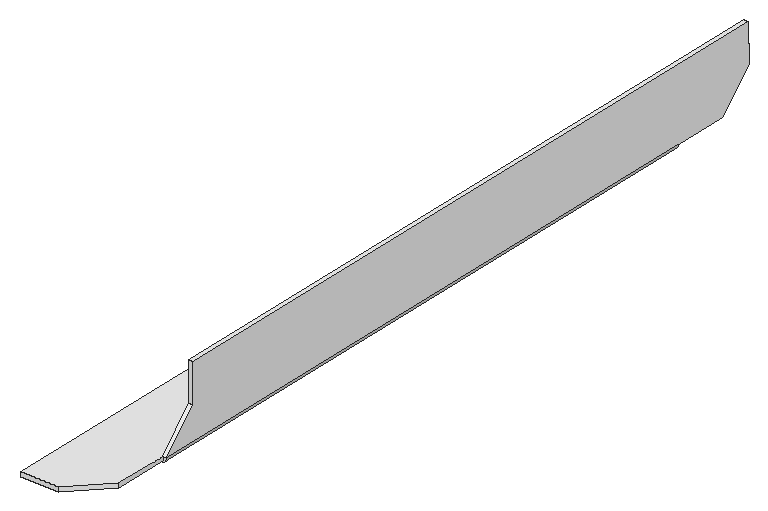
Revit family "JOMA_Takåsfäste Vänster", category Structural Connections, host Face, Revit 2012
Parameters (values of type "580370V")
  Vikt = "0,30"
  Typ 370 Spikmönster [instance] = and(Typ 370, Spikmönster)  # no
  Typ 370 = yes
  Typ 330 Spikmönster [instance] = and(Typ 330, Spikmönster)  # no
  Typ 330 = no
  Typ 290 Spikmönster [instance] = and(Typ 290, Spikmönster)  # no
  Typ 290 = no
  Typ 250 Spikmönster [instance] = and(Typ 250, Spikmönster)  # no
  Typ 250 = no
  Typ 210 Spikmönster [instance] = and(Typ 210, Spikmönster)  # no
  Typ 210 = no
  Typ 170 Spikmönster [instance] = and(Typ 170, Spikmönster)  # no
  Typ 170 = no
  Spikmönster [instance] = no
  Material = Varmförzinkad stålplåt
  Länk Joma Dimensioneringsverktyg = "http://www.joma.se/dimensioneringsverktyg"
  Default Elevation = 1219.2 mm
  B = 40 mm
  A = 370 mm
Reference planes
  plane 1 "Center (Front/Back)": y = 0
  plane 2: z = 0
  plane 3 "Center (Left/Right)": x = 0
  plane 4: y = 185
  plane 5: y = -185
  plane 6: x = -34.5
  plane 7: x = -34.5
  plane 8: z = 34.5
  plane 9: z = 34.5
  plane 10: z = 34.5
  plane 11: z = 34.5
  plane 12: y = 130
  plane 13: y = 145
  plane 14: y = -170
  plane 15: y = -145
  plane 16: x = -17
  plane 17: x = -2
  plane 18: y = 170
  plane 19: z = 2
  plane 20: z = 17
  plane 21: y = -130
Forms (mm)
  Extrusion 1, solid, material "Varmförzinkad stålplåt" <- "Material"
    sketch origin (0, 0, 0) x (1, 0, 0) y (0, 0, 1)
      loop
        line (-2, 2) -> (-34.5, 2) -> (-34.5, 0) -> (-2, 0)
        arc (-2, 0) -> (-0.586, 0.586) -> (0, 2) r 2
        line (0, 2) -> (0, 34.5) -> (-2, 34.5) -> (-2, 2)
    from -185 to 185
  Extrusion 2, void
    sketch origin (0, 0, 0) x (1, 0, 0) y (0, 1, 0)
      loop
        line (-34.5, 185) -> (-34.5, 130) -> (-17, 130) -> (-2, 145) -> (-2, 185) -> (-34.5, 185)
    from 0 to 2
  Extrusion 3, void
    sketch origin (0, 0, 0) x (1, 0, 0) y (0, 1, 0)
      loop
        line (0, -185) -> (0, -145) -> (-2, -145) -> (-2, -170) -> (-17, -185) -> (0, -185)
    from 0 to 2
  Extrusion 4, void
    sketch origin (0, 0, 0) x (0, 1, 0) y (0, 0, 1)
      loop
        line (185, 0) -> (185, 17) -> (170, 2) -> (145, 2) -> (145, 0) -> (185, 0)
    from -2 to 0
  Extrusion 5, void
    sketch origin (0, 0, 0) x (0, 1, 0) y (0, 0, 1)
      loop
        line (-130, 34.5) -> (-185, 34.5) -> (-185, 2) -> (-145, 2) -> (-130, 17) -> (-130, 34.5)
    from -2 to 0
Cuts and joins
  Extrusion 2, Extrusion 3, Extrusion 4, Extrusion 5 cuts Extrusion 1
Lines and regions (mm)
  symbolic lines, visible <- "Typ 170", not visible
    curve 1: circle (1097, -177.5, 0) r 2.5 normal (0, 0, 1)
    curve 2: circle (1082, -167.5, 0) r 2.5 normal (0, 0, 1)
    curve 3: circle (1097, -157.5, 0) r 2.5 normal (0, 0, 1)
    curve 4: circle (1082, -147.5, 0) r 2.5 normal (0, 0, 1)
    curve 5: circle (1097, -137.5, 0) r 2.5 normal (0, 0, 1)
    curve 6: circle (1082, -127.5, 0) r 2.5 normal (0, 0, 1)
    curve 7: circle (1097, -117.5, 0) r 2.5 normal (0, 0, 1)
    curve 8: circle (1082, -107.5, 0) r 2.5 normal (0, 0, 1)
    curve 9: circle (1097, -97.5, 0) r 2.5 normal (0, 0, 1)
    curve 10: circle (1082, -87.5, 0) r 2.5 normal (0, 0, 1)
    curve 370: circle (0, 177.5, 682) r 2.5 normal (1, 0, 0)
    curve 371: circle (0, 167.5, 667) r 2.5 normal (1, 0, 0)
    curve 372: circle (0, 157.5, 682) r 2.5 normal (1, 0, 0)
    curve 373: circle (0, 147.5, 667) r 2.5 normal (1, 0, 0)
    curve 374: circle (0, 137.5, 682) r 2.5 normal (1, 0, 0)
    curve 375: circle (0, 127.5, 667) r 2.5 normal (1, 0, 0)
    curve 376: circle (0, 117.5, 682) r 2.5 normal (1, 0, 0)
    curve 377: circle (0, 107.5, 667) r 2.5 normal (1, 0, 0)
    curve 378: circle (0, 97.5, 682) r 2.5 normal (1, 0, 0)
    curve 379: circle (0, 87.5, 667) r 2.5 normal (1, 0, 0)
  symbolic lines, visible <- "Typ 210", not visible
    curve 11: circle (907, -177.5, 0) r 2.5 normal (0, 0, 1)
    curve 12: circle (892, -167.5, 0) r 2.5 normal (0, 0, 1)
    curve 13: circle (907, -157.5, 0) r 2.5 normal (0, 0, 1)
    curve 14: circle (892, -147.5, 0) r 2.5 normal (0, 0, 1)
    curve 15: circle (907, -137.5, 0) r 2.5 normal (0, 0, 1)
    curve 16: circle (892, -127.5, 0) r 2.5 normal (0, 0, 1)
    curve 17: circle (907, -117.5, 0) r 2.5 normal (0, 0, 1)
    curve 18: circle (892, -107.5, 0) r 2.5 normal (0, 0, 1)
    curve 19: circle (907, -97.5, 0) r 2.5 normal (0, 0, 1)
    curve 20: circle (892, -87.5, 0) r 2.5 normal (0, 0, 1)
    curve 21: circle (907, -77.5, 0) r 2.5 normal (0, 0, 1)
    curve 22: circle (892, -67.5, 0) r 2.5 normal (0, 0, 1)
    curve 23: circle (907, -57.5, 0) r 2.5 normal (0, 0, 1)
    curve 24: circle (892, -47.5, 0) r 2.5 normal (0, 0, 1)
    curve 380: circle (0, 177.5, 567) r 2.5 normal (1, 0, 0)
    curve 381: circle (0, 167.5, 552) r 2.5 normal (1, 0, 0)
    curve 382: circle (0, 157.5, 567) r 2.5 normal (1, 0, 0)
    curve 383: circle (0, 147.5, 552) r 2.5 normal (1, 0, 0)
    curve 384: circle (0, 137.5, 567) r 2.5 normal (1, 0, 0)
    curve 385: circle (0, 127.5, 552) r 2.5 normal (1, 0, 0)
    curve 386: circle (0, 117.5, 567) r 2.5 normal (1, 0, 0)
    curve 387: circle (0, 107.5, 552) r 2.5 normal (1, 0, 0)
    curve 388: circle (0, 97.5, 567) r 2.5 normal (1, 0, 0)
    curve 389: circle (0, 87.5, 552) r 2.5 normal (1, 0, 0)
    curve 390: circle (0, 77.5, 567) r 2.5 normal (1, 0, 0)
    curve 391: circle (0, 67.5, 552) r 2.5 normal (1, 0, 0)
    curve 392: circle (0, 57.5, 567) r 2.5 normal (1, 0, 0)
    curve 393: circle (0, 47.5, 552) r 2.5 normal (1, 0, 0)
  symbolic lines, visible <- "Typ 250", not visible
    curve 25: circle (727, -177.5, 0) r 2.5 normal (0, 0, 1)
    curve 26: circle (712, -167.5, 0) r 2.5 normal (0, 0, 1)
    curve 27: circle (727, -157.5, 0) r 2.5 normal (0, 0, 1)
    curve 28: circle (712, -147.5, 0) r 2.5 normal (0, 0, 1)
    curve 29: circle (727, -137.5, 0) r 2.5 normal (0, 0, 1)
    curve 30: circle (712, -127.5, 0) r 2.5 normal (0, 0, 1)
    curve 31: circle (727, -117.5, 0) r 2.5 normal (0, 0, 1)
    curve 32: circle (712, -107.5, 0) r 2.5 normal (0, 0, 1)
    curve 33: circle (727, -97.5, 0) r 2.5 normal (0, 0, 1)
    curve 34: circle (712, -87.5, 0) r 2.5 normal (0, 0, 1)
    curve 35: circle (727, -77.5, 0) r 2.5 normal (0, 0, 1)
    curve 36: circle (712, -67.5, 0) r 2.5 normal (0, 0, 1)
    curve 37: circle (727, -57.5, 0) r 2.5 normal (0, 0, 1)
    curve 38: circle (712, -47.5, 0) r 2.5 normal (0, 0, 1)
    curve 39: circle (727, -37.5, 0) r 2.5 normal (0, 0, 1)
    curve 40: circle (712, -27.5, 0) r 2.5 normal (0, 0, 1)
    curve 41: circle (727, -17.5, 0) r 2.5 normal (0, 0, 1)
    curve 42: circle (712, -7.5, 0) r 2.5 normal (0, 0, 1)
    curve 394: circle (0, 177.5, 472) r 2.5 normal (1, 0, 0)
    curve 395: circle (0, 167.5, 457) r 2.5 normal (1, 0, 0)
    curve 396: circle (0, 157.5, 472) r 2.5 normal (1, 0, 0)
    curve 397: circle (0, 147.5, 457) r 2.5 normal (1, 0, 0)
    curve 398: circle (0, 137.5, 472) r 2.5 normal (1, 0, 0)
    curve 399: circle (0, 127.5, 457) r 2.5 normal (1, 0, 0)
    curve 400: circle (0, 117.5, 472) r 2.5 normal (1, 0, 0)
    curve 401: circle (0, 107.5, 457) r 2.5 normal (1, 0, 0)
    curve 402: circle (0, 97.5, 472) r 2.5 normal (1, 0, 0)
    curve 403: circle (0, 87.5, 457) r 2.5 normal (1, 0, 0)
    curve 404: circle (0, 77.5, 472) r 2.5 normal (1, 0, 0)
    curve 405: circle (0, 67.5, 457) r 2.5 normal (1, 0, 0)
    curve 406: circle (0, 57.5, 472) r 2.5 normal (1, 0, 0)
    curve 407: circle (0, 47.5, 457) r 2.5 normal (1, 0, 0)
    curve 408: circle (0, 37.5, 472) r 2.5 normal (1, 0, 0)
    curve 409: circle (0, 27.5, 457) r 2.5 normal (1, 0, 0)
    curve 410: circle (0, 17.5, 472) r 2.5 normal (1, 0, 0)
    curve 411: circle (0, 7.5, 457) r 2.5 normal (1, 0, 0)
  symbolic lines, visible <- "Typ 290", not visible
    curve 43: circle (527, -177.5, 0) r 2.5 normal (0, 0, 1)
    curve 44: circle (512, -167.5, 0) r 2.5 normal (0, 0, 1)
    curve 45: circle (527, -157.5, 0) r 2.5 normal (0, 0, 1)
    curve 46: circle (512, -147.5, 0) r 2.5 normal (0, 0, 1)
    curve 47: circle (527, -137.5, 0) r 2.5 normal (0, 0, 1)
    curve 48: circle (512, -127.5, 0) r 2.5 normal (0, 0, 1)
    curve 49: circle (527, -117.5, 0) r 2.5 normal (0, 0, 1)
    curve 50: circle (512, -107.5, 0) r 2.5 normal (0, 0, 1)
    curve 51: circle (527, -97.5, 0) r 2.5 normal (0, 0, 1)
    curve 52: circle (512, -87.5, 0) r 2.5 normal (0, 0, 1)
    curve 53: circle (527, -77.5, 0) r 2.5 normal (0, 0, 1)
    curve 54: circle (512, -67.5, 0) r 2.5 normal (0, 0, 1)
    curve 55: circle (527, -57.5, 0) r 2.5 normal (0, 0, 1)
    curve 56: circle (512, -47.5, 0) r 2.5 normal (0, 0, 1)
    curve 57: circle (527, -37.5, 0) r 2.5 normal (0, 0, 1)
    curve 58: circle (512, -27.5, 0) r 2.5 normal (0, 0, 1)
    curve 59: circle (527, -17.5, 0) r 2.5 normal (0, 0, 1)
    curve 60: circle (512, -7.5, 0) r 2.5 normal (0, 0, 1)
    curve 61: circle (527, 2.5, 0) r 2.5 normal (0, 0, 1)
    curve 62: circle (512, 12.5, 0) r 2.5 normal (0, 0, 1)
    curve 63: circle (527, 22.5, 0) r 2.5 normal (0, 0, 1)
    curve 64: circle (512, 32.5, 0) r 2.5 normal (0, 0, 1)
    curve 65: circle (527, 42.5, 0) r 2.5 normal (0, 0, 1)
    curve 412: circle (0, 177.5, 312) r 2.5 normal (1, 0, 0)
    curve 413: circle (0, 167.5, 297) r 2.5 normal (1, 0, 0)
    curve 414: circle (0, 157.5, 312) r 2.5 normal (1, 0, 0)
    curve 415: circle (0, 147.5, 297) r 2.5 normal (1, 0, 0)
    curve 416: circle (0, 137.5, 312) r 2.5 normal (1, 0, 0)
    curve 417: circle (0, 127.5, 297) r 2.5 normal (1, 0, 0)
    curve 418: circle (0, 117.5, 312) r 2.5 normal (1, 0, 0)
    curve 419: circle (0, 107.5, 297) r 2.5 normal (1, 0, 0)
    curve 420: circle (0, 97.5, 312) r 2.5 normal (1, 0, 0)
    curve 421: circle (0, 87.5, 297) r 2.5 normal (1, 0, 0)
    curve 422: circle (0, 77.5, 312) r 2.5 normal (1, 0, 0)
    curve 423: circle (0, 67.5, 297) r 2.5 normal (1, 0, 0)
    curve 424: circle (0, 57.5, 312) r 2.5 normal (1, 0, 0)
    curve 425: circle (0, 47.5, 297) r 2.5 normal (1, 0, 0)
    curve 426: circle (0, 37.5, 312) r 2.5 normal (1, 0, 0)
    curve 427: circle (0, 27.5, 297) r 2.5 normal (1, 0, 0)
    curve 428: circle (0, 17.5, 312) r 2.5 normal (1, 0, 0)
    curve 429: circle (0, 7.5, 297) r 2.5 normal (1, 0, 0)
    curve 430: circle (0, -2.5, 312) r 2.5 normal (1, 0, 0)
    curve 431: circle (0, -12.5, 297) r 2.5 normal (1, 0, 0)
    curve 432: circle (0, -22.5, 312) r 2.5 normal (1, 0, 0)
    curve 433: circle (0, -32.5, 297) r 2.5 normal (1, 0, 0)
    curve 434: circle (0, -42.5, 312) r 2.5 normal (1, 0, 0)
  symbolic lines, visible <- "Typ 330", not visible
    curve 66: circle (122, -177.5, 0) r 2.5 normal (0, 0, 1)
    curve 67: circle (107, -167.5, 0) r 2.5 normal (0, 0, 1)
    curve 68: circle (122, -157.5, 0) r 2.5 normal (0, 0, 1)
    curve 69: circle (107, -147.5, 0) r 2.5 normal (0, 0, 1)
    curve 70: circle (122, -137.5, 0) r 2.5 normal (0, 0, 1)
    curve 71: circle (107, -127.5, 0) r 2.5 normal (0, 0, 1)
    curve 72: circle (122, -117.5, 0) r 2.5 normal (0, 0, 1)
    curve 73: circle (107, -107.5, 0) r 2.5 normal (0, 0, 1)
    curve 74: circle (122, -97.5, 0) r 2.5 normal (0, 0, 1)
    curve 75: circle (107, -87.5, 0) r 2.5 normal (0, 0, 1)
    curve 76: circle (122, -77.5, 0) r 2.5 normal (0, 0, 1)
    curve 77: circle (107, -67.5, 0) r 2.5 normal (0, 0, 1)
    curve 78: circle (122, -57.5, 0) r 2.5 normal (0, 0, 1)
    curve 79: circle (107, -47.5, 0) r 2.5 normal (0, 0, 1)
    curve 80: circle (122, -37.5, 0) r 2.5 normal (0, 0, 1)
    curve 81: circle (107, -27.5, 0) r 2.5 normal (0, 0, 1)
    curve 82: circle (122, -17.5, 0) r 2.5 normal (0, 0, 1)
    curve 83: circle (107, -7.5, 0) r 2.5 normal (0, 0, 1)
    curve 84: circle (122, 2.5, 0) r 2.5 normal (0, 0, 1)
    curve 85: circle (107, 12.5, 0) r 2.5 normal (0, 0, 1)
    curve 86: circle (122, 22.5, 0) r 2.5 normal (0, 0, 1)
    curve 87: circle (107, 32.5, 0) r 2.5 normal (0, 0, 1)
    curve 88: circle (122, 42.5, 0) r 2.5 normal (0, 0, 1)
    curve 89: circle (107, 52.5, 0) r 2.5 normal (0, 0, 1)
    curve 90: circle (122, 62.5, 0) r 2.5 normal (0, 0, 1)
    curve 91: circle (107, 72.5, 0) r 2.5 normal (0, 0, 1)
    curve 92: circle (122, 82.5, 0) r 2.5 normal (0, 0, 1)
    curve 435: circle (0, 177.5, 167) r 2.5 normal (1, 0, 0)
    curve 436: circle (0, 167.5, 152) r 2.5 normal (1, 0, 0)
    curve 437: circle (0, 157.5, 167) r 2.5 normal (1, 0, 0)
    curve 438: circle (0, 147.5, 152) r 2.5 normal (1, 0, 0)
    curve 439: circle (0, 137.5, 167) r 2.5 normal (1, 0, 0)
    curve 440: circle (0, 127.5, 152) r 2.5 normal (1, 0, 0)
    curve 441: circle (0, 117.5, 167) r 2.5 normal (1, 0, 0)
    curve 442: circle (0, 107.5, 152) r 2.5 normal (1, 0, 0)
    curve 443: circle (0, 97.5, 167) r 2.5 normal (1, 0, 0)
    curve 444: circle (0, 87.5, 152) r 2.5 normal (1, 0, 0)
    curve 445: circle (0, 77.5, 167) r 2.5 normal (1, 0, 0)
    curve 446: circle (0, 67.5, 152) r 2.5 normal (1, 0, 0)
    curve 447: circle (0, 57.5, 167) r 2.5 normal (1, 0, 0)
    curve 448: circle (0, 47.5, 152) r 2.5 normal (1, 0, 0)
    curve 449: circle (0, 37.5, 167) r 2.5 normal (1, 0, 0)
    curve 450: circle (0, 27.5, 152) r 2.5 normal (1, 0, 0)
    curve 451: circle (0, 17.5, 167) r 2.5 normal (1, 0, 0)
    curve 452: circle (0, 7.5, 152) r 2.5 normal (1, 0, 0)
    curve 453: circle (0, -2.5, 167) r 2.5 normal (1, 0, 0)
    curve 454: circle (0, -12.5, 152) r 2.5 normal (1, 0, 0)
    curve 455: circle (0, -22.5, 167) r 2.5 normal (1, 0, 0)
    curve 456: circle (0, -32.5, 152) r 2.5 normal (1, 0, 0)
    curve 457: circle (0, -42.5, 167) r 2.5 normal (1, 0, 0)
    curve 458: circle (0, -52.5, 152) r 2.5 normal (1, 0, 0)
    curve 459: circle (0, -62.5, 167) r 2.5 normal (1, 0, 0)
    curve 460: circle (0, -72.5, 152) r 2.5 normal (1, 0, 0)
    curve 461: circle (0, -82.5, 167) r 2.5 normal (1, 0, 0)
  symbolic lines, visible <- "Typ 370", not visible
    curve 93: circle (27, -177.5, 0) r 2.5 normal (0, 0, 1)
    curve 94: circle (12, -167.5, 0) r 2.5 normal (0, 0, 1)
    curve 95: circle (27, -157.5, 0) r 2.5 normal (0, 0, 1)
    curve 96: circle (12, -147.5, 0) r 2.5 normal (0, 0, 1)
    curve 97: circle (27, -137.5, 0) r 2.5 normal (0, 0, 1)
    curve 98: circle (12, -127.5, 0) r 2.5 normal (0, 0, 1)
    curve 99: circle (27, -117.5, 0) r 2.5 normal (0, 0, 1)
    curve 100: circle (12, -107.5, 0) r 2.5 normal (0, 0, 1)
    curve 101: circle (27, -97.5, 0) r 2.5 normal (0, 0, 1)
    curve 102: circle (12, -87.5, 0) r 2.5 normal (0, 0, 1)
    curve 103: circle (27, -77.5, 0) r 2.5 normal (0, 0, 1)
    curve 104: circle (12, -67.5, 0) r 2.5 normal (0, 0, 1)
    curve 105: circle (27, -57.5, 0) r 2.5 normal (0, 0, 1)
    curve 106: circle (12, -47.5, 0) r 2.5 normal (0, 0, 1)
    curve 107: circle (27, -37.5, 0) r 2.5 normal (0, 0, 1)
    curve 108: circle (12, -27.5, 0) r 2.5 normal (0, 0, 1)
    curve 109: circle (27, -17.5, 0) r 2.5 normal (0, 0, 1)
    curve 110: circle (12, -7.5, 0) r 2.5 normal (0, 0, 1)
    curve 111: circle (27, 2.5, 0) r 2.5 normal (0, 0, 1)
    curve 112: circle (12, 12.5, 0) r 2.5 normal (0, 0, 1)
    curve 113: circle (27, 22.5, 0) r 2.5 normal (0, 0, 1)
    curve 114: circle (12, 32.5, 0) r 2.5 normal (0, 0, 1)
    curve 115: circle (27, 42.5, 0) r 2.5 normal (0, 0, 1)
    curve 116: circle (12, 52.5, 0) r 2.5 normal (0, 0, 1)
    curve 117: circle (27, 62.5, 0) r 2.5 normal (0, 0, 1)
    curve 118: circle (12, 72.5, 0) r 2.5 normal (0, 0, 1)
    curve 119: circle (27, 82.5, 0) r 2.5 normal (0, 0, 1)
    curve 120: circle (12, 92.5, 0) r 2.5 normal (0, 0, 1)
    curve 121: circle (27, 102.5, 0) r 2.5 normal (0, 0, 1)
    curve 122: circle (12, 112.5, 0) r 2.5 normal (0, 0, 1)
    curve 123: circle (27, 122.5, 0) r 2.5 normal (0, 0, 1)
    curve 462: circle (0, 177.5, 27) r 2.5 normal (1, 0, 0)
    curve 463: circle (0, 167.5, 12) r 2.5 normal (1, 0, 0)
    curve 464: circle (0, 157.5, 27) r 2.5 normal (1, 0, 0)
    curve 465: circle (0, 147.5, 12) r 2.5 normal (1, 0, 0)
    curve 466: circle (0, 137.5, 27) r 2.5 normal (1, 0, 0)
    curve 467: circle (0, 127.5, 12) r 2.5 normal (1, 0, 0)
    curve 468: circle (0, 117.5, 27) r 2.5 normal (1, 0, 0)
    curve 469: circle (0, 107.5, 12) r 2.5 normal (1, 0, 0)
    curve 470: circle (0, 97.5, 27) r 2.5 normal (1, 0, 0)
    curve 471: circle (0, 87.5, 12) r 2.5 normal (1, 0, 0)
    curve 472: circle (0, 77.5, 27) r 2.5 normal (1, 0, 0)
    curve 473: circle (0, 67.5, 12) r 2.5 normal (1, 0, 0)
    curve 474: circle (0, 57.5, 27) r 2.5 normal (1, 0, 0)
    curve 475: circle (0, 47.5, 12) r 2.5 normal (1, 0, 0)
    curve 476: circle (0, 37.5, 27) r 2.5 normal (1, 0, 0)
    curve 477: circle (0, 27.5, 12) r 2.5 normal (1, 0, 0)
    curve 478: circle (0, 17.5, 27) r 2.5 normal (1, 0, 0)
    curve 479: circle (0, 7.5, 12) r 2.5 normal (1, 0, 0)
    curve 480: circle (0, -2.5, 27) r 2.5 normal (1, 0, 0)
    curve 481: circle (0, -12.5, 12) r 2.5 normal (1, 0, 0)
    curve 482: circle (0, -22.5, 27) r 2.5 normal (1, 0, 0)
    curve 483: circle (0, -32.5, 12) r 2.5 normal (1, 0, 0)
    curve 484: circle (0, -42.5, 27) r 2.5 normal (1, 0, 0)
    curve 485: circle (0, -52.5, 12) r 2.5 normal (1, 0, 0)
    curve 486: circle (0, -62.5, 27) r 2.5 normal (1, 0, 0)
    curve 487: circle (0, -72.5, 12) r 2.5 normal (1, 0, 0)
    curve 488: circle (0, -82.5, 27) r 2.5 normal (1, 0, 0)
    curve 489: circle (0, -92.5, 12) r 2.5 normal (1, 0, 0)
    curve 490: circle (0, -102.5, 27) r 2.5 normal (1, 0, 0)
    curve 491: circle (0, -112.5, 12) r 2.5 normal (1, 0, 0)
    curve 492: circle (0, -122.5, 27) r 2.5 normal (1, 0, 0)
  symbolic lines, visible <- "Typ 370"
    curve 124: circle (-27, -177.5, 0) r 2.5 normal (0, 0, -1)
    curve 125: circle (-12, -167.5, 0) r 2.5 normal (0, 0, -1)
    curve 126: circle (-27, -157.5, 0) r 2.5 normal (0, 0, -1)
    curve 127: circle (-12, -147.5, 0) r 2.5 normal (0, 0, -1)
    curve 128: circle (-27, -137.5, 0) r 2.5 normal (0, 0, -1)
    curve 129: circle (-12, -127.5, 0) r 2.5 normal (0, 0, -1)
    curve 130: circle (-27, -117.5, 0) r 2.5 normal (0, 0, -1)
    curve 131: circle (-12, -107.5, 0) r 2.5 normal (0, 0, -1)
    curve 132: circle (-27, -97.5, 0) r 2.5 normal (0, 0, -1)
    curve 133: circle (-12, -87.5, 0) r 2.5 normal (0, 0, -1)
    curve 134: circle (-27, -77.5, 0) r 2.5 normal (0, 0, -1)
    curve 135: circle (-12, -67.5, 0) r 2.5 normal (0, 0, -1)
    curve 136: circle (-27, -57.5, 0) r 2.5 normal (0, 0, -1)
    curve 137: circle (-12, -47.5, 0) r 2.5 normal (0, 0, -1)
    curve 138: circle (-27, -37.5, 0) r 2.5 normal (0, 0, -1)
    curve 139: circle (-12, -27.5, 0) r 2.5 normal (0, 0, -1)
    curve 140: circle (-27, -17.5, 0) r 2.5 normal (0, 0, -1)
    curve 141: circle (-12, -7.5, 0) r 2.5 normal (0, 0, -1)
    curve 142: circle (-27, 2.5, 0) r 2.5 normal (0, 0, -1)
    curve 143: circle (-12, 12.5, 0) r 2.5 normal (0, 0, -1)
    curve 144: circle (-27, 22.5, 0) r 2.5 normal (0, 0, -1)
    curve 145: circle (-12, 32.5, 0) r 2.5 normal (0, 0, -1)
    curve 146: circle (-27, 42.5, 0) r 2.5 normal (0, 0, -1)
    curve 147: circle (-12, 52.5, 0) r 2.5 normal (0, 0, -1)
    curve 148: circle (-27, 62.5, 0) r 2.5 normal (0, 0, -1)
    curve 149: circle (-12, 72.5, 0) r 2.5 normal (0, 0, -1)
    curve 150: circle (-27, 82.5, 0) r 2.5 normal (0, 0, -1)
    curve 151: circle (-12, 92.5, 0) r 2.5 normal (0, 0, -1)
    curve 152: circle (-27, 102.5, 0) r 2.5 normal (0, 0, -1)
    curve 153: circle (-12, 112.5, 0) r 2.5 normal (0, 0, -1)
    curve 154: circle (-27, 122.5, 0) r 2.5 normal (0, 0, -1)
    curve 247: circle (0, 177.5, 27) r 2.5 normal (1, 0, 0)
    curve 248: circle (0, 167.5, 12) r 2.5 normal (1, 0, 0)
    curve 249: circle (0, 157.5, 27) r 2.5 normal (1, 0, 0)
    curve 250: circle (0, 147.5, 12) r 2.5 normal (1, 0, 0)
    curve 251: circle (0, 137.5, 27) r 2.5 normal (1, 0, 0)
    curve 252: circle (0, 127.5, 12) r 2.5 normal (1, 0, 0)
    curve 253: circle (0, 117.5, 27) r 2.5 normal (1, 0, 0)
    curve 254: circle (0, 107.5, 12) r 2.5 normal (1, 0, 0)
    curve 255: circle (0, 97.5, 27) r 2.5 normal (1, 0, 0)
    curve 256: circle (0, 87.5, 12) r 2.5 normal (1, 0, 0)
    curve 257: circle (0, 77.5, 27) r 2.5 normal (1, 0, 0)
    curve 258: circle (0, 67.5, 12) r 2.5 normal (1, 0, 0)
    curve 259: circle (0, 57.5, 27) r 2.5 normal (1, 0, 0)
    curve 260: circle (0, 47.5, 12) r 2.5 normal (1, 0, 0)
    curve 261: circle (0, 37.5, 27) r 2.5 normal (1, 0, 0)
    curve 262: circle (0, 27.5, 12) r 2.5 normal (1, 0, 0)
    curve 263: circle (0, 17.5, 27) r 2.5 normal (1, 0, 0)
    curve 264: circle (0, 7.5, 12) r 2.5 normal (1, 0, 0)
    curve 265: circle (0, -2.5, 27) r 2.5 normal (1, 0, 0)
    curve 266: circle (0, -12.5, 12) r 2.5 normal (1, 0, 0)
    curve 267: circle (0, -22.5, 27) r 2.5 normal (1, 0, 0)
    curve 268: circle (0, -32.5, 12) r 2.5 normal (1, 0, 0)
    curve 269: circle (0, -42.5, 27) r 2.5 normal (1, 0, 0)
    curve 270: circle (0, -52.5, 12) r 2.5 normal (1, 0, 0)
    curve 271: circle (0, -62.5, 27) r 2.5 normal (1, 0, 0)
    curve 272: circle (0, -72.5, 12) r 2.5 normal (1, 0, 0)
    curve 273: circle (0, -82.5, 27) r 2.5 normal (1, 0, 0)
    curve 274: circle (0, -92.5, 12) r 2.5 normal (1, 0, 0)
    curve 275: circle (0, -102.5, 27) r 2.5 normal (1, 0, 0)
    curve 276: circle (0, -112.5, 12) r 2.5 normal (1, 0, 0)
    curve 277: circle (0, -122.5, 27) r 2.5 normal (1, 0, 0)
  symbolic lines, visible <- "Typ 330"
    curve 155: circle (-27, -157.5, 0) r 2.5 normal (0, 0, -1)
    curve 156: circle (-12, -147.5, 0) r 2.5 normal (0, 0, -1)
    curve 157: circle (-27, -137.5, 0) r 2.5 normal (0, 0, -1)
    curve 158: circle (-12, -127.5, 0) r 2.5 normal (0, 0, -1)
    curve 159: circle (-27, -117.5, 0) r 2.5 normal (0, 0, -1)
    curve 160: circle (-12, -107.5, 0) r 2.5 normal (0, 0, -1)
    curve 161: circle (-27, -97.5, 0) r 2.5 normal (0, 0, -1)
    curve 162: circle (-12, -87.5, 0) r 2.5 normal (0, 0, -1)
    curve 163: circle (-27, -77.5, 0) r 2.5 normal (0, 0, -1)
    curve 164: circle (-12, -67.5, 0) r 2.5 normal (0, 0, -1)
    curve 165: circle (-27, -57.5, 0) r 2.5 normal (0, 0, -1)
    curve 166: circle (-12, -47.5, 0) r 2.5 normal (0, 0, -1)
    curve 167: circle (-27, -37.5, 0) r 2.5 normal (0, 0, -1)
    curve 168: circle (-12, -27.5, 0) r 2.5 normal (0, 0, -1)
    curve 169: circle (-27, -17.5, 0) r 2.5 normal (0, 0, -1)
    curve 170: circle (-12, -7.5, 0) r 2.5 normal (0, 0, -1)
    curve 171: circle (-27, 2.5, 0) r 2.5 normal (0, 0, -1)
    curve 172: circle (-12, 12.5, 0) r 2.5 normal (0, 0, -1)
    curve 173: circle (-27, 22.5, 0) r 2.5 normal (0, 0, -1)
    curve 174: circle (-12, 32.5, 0) r 2.5 normal (0, 0, -1)
    curve 175: circle (-27, 42.5, 0) r 2.5 normal (0, 0, -1)
    curve 176: circle (-12, 52.5, 0) r 2.5 normal (0, 0, -1)
    curve 177: circle (-27, 62.5, 0) r 2.5 normal (0, 0, -1)
    curve 178: circle (-12, 72.5, 0) r 2.5 normal (0, 0, -1)
    curve 179: circle (-27, 82.5, 0) r 2.5 normal (0, 0, -1)
    curve 180: circle (-12, 92.5, 0) r 2.5 normal (0, 0, -1)
    curve 181: circle (-27, 102.5, 0) r 2.5 normal (0, 0, -1)
    curve 278: circle (0, 157.5, 27) r 2.5 normal (1, 0, 0)
    curve 279: circle (0, 147.5, 12) r 2.5 normal (1, 0, 0)
    curve 280: circle (0, 137.5, 27) r 2.5 normal (1, 0, 0)
    curve 281: circle (0, 127.5, 12) r 2.5 normal (1, 0, 0)
    curve 282: circle (0, 117.5, 27) r 2.5 normal (1, 0, 0)
    curve 283: circle (0, 107.5, 12) r 2.5 normal (1, 0, 0)
    curve 284: circle (0, 97.5, 27) r 2.5 normal (1, 0, 0)
    curve 285: circle (0, 87.5, 12) r 2.5 normal (1, 0, 0)
    curve 286: circle (0, 77.5, 27) r 2.5 normal (1, 0, 0)
    curve 287: circle (0, 67.5, 12) r 2.5 normal (1, 0, 0)
    curve 288: circle (0, 57.5, 27) r 2.5 normal (1, 0, 0)
    curve 289: circle (0, 47.5, 12) r 2.5 normal (1, 0, 0)
    curve 290: circle (0, 37.5, 27) r 2.5 normal (1, 0, 0)
    curve 291: circle (0, 27.5, 12) r 2.5 normal (1, 0, 0)
    curve 292: circle (0, 17.5, 27) r 2.5 normal (1, 0, 0)
    curve 293: circle (0, 7.5, 12) r 2.5 normal (1, 0, 0)
    curve 294: circle (0, -2.5, 27) r 2.5 normal (1, 0, 0)
    curve 295: circle (0, -12.5, 12) r 2.5 normal (1, 0, 0)
    curve 296: circle (0, -22.5, 27) r 2.5 normal (1, 0, 0)
    curve 297: circle (0, -32.5, 12) r 2.5 normal (1, 0, 0)
    curve 298: circle (0, -42.5, 27) r 2.5 normal (1, 0, 0)
    curve 299: circle (0, -52.5, 12) r 2.5 normal (1, 0, 0)
    curve 300: circle (0, -62.5, 27) r 2.5 normal (1, 0, 0)
    curve 301: circle (0, -72.5, 12) r 2.5 normal (1, 0, 0)
    curve 302: circle (0, -82.5, 27) r 2.5 normal (1, 0, 0)
    curve 303: circle (0, -92.5, 12) r 2.5 normal (1, 0, 0)
    curve 304: circle (0, -102.5, 27) r 2.5 normal (1, 0, 0)
  symbolic lines, visible <- "Typ 290"
    curve 182: circle (-27, -137.5, 0) r 2.5 normal (0, 0, -1)
    curve 183: circle (-12, -127.5, 0) r 2.5 normal (0, 0, -1)
    curve 184: circle (-27, -117.5, 0) r 2.5 normal (0, 0, -1)
    curve 185: circle (-12, -107.5, 0) r 2.5 normal (0, 0, -1)
    curve 186: circle (-27, -97.5, 0) r 2.5 normal (0, 0, -1)
    curve 187: circle (-12, -87.5, 0) r 2.5 normal (0, 0, -1)
    curve 188: circle (-27, -77.5, 0) r 2.5 normal (0, 0, -1)
    curve 189: circle (-12, -67.5, 0) r 2.5 normal (0, 0, -1)
    curve 190: circle (-27, -57.5, 0) r 2.5 normal (0, 0, -1)
    curve 191: circle (-12, -47.5, 0) r 2.5 normal (0, 0, -1)
    curve 192: circle (-27, -37.5, 0) r 2.5 normal (0, 0, -1)
    curve 193: circle (-12, -27.5, 0) r 2.5 normal (0, 0, -1)
    curve 194: circle (-27, -17.5, 0) r 2.5 normal (0, 0, -1)
    curve 195: circle (-12, -7.5, 0) r 2.5 normal (0, 0, -1)
    curve 196: circle (-27, 2.5, 0) r 2.5 normal (0, 0, -1)
    curve 197: circle (-12, 12.5, 0) r 2.5 normal (0, 0, -1)
    curve 198: circle (-27, 22.5, 0) r 2.5 normal (0, 0, -1)
    curve 199: circle (-12, 32.5, 0) r 2.5 normal (0, 0, -1)
    curve 200: circle (-27, 42.5, 0) r 2.5 normal (0, 0, -1)
    curve 201: circle (-12, 52.5, 0) r 2.5 normal (0, 0, -1)
    curve 202: circle (-27, 62.5, 0) r 2.5 normal (0, 0, -1)
    curve 203: circle (-12, 72.5, 0) r 2.5 normal (0, 0, -1)
    curve 204: circle (-27, 82.5, 0) r 2.5 normal (0, 0, -1)
    curve 305: circle (0, 137.5, 27) r 2.5 normal (1, 0, 0)
    curve 306: circle (0, 127.5, 12) r 2.5 normal (1, 0, 0)
    curve 307: circle (0, 117.5, 27) r 2.5 normal (1, 0, 0)
    curve 308: circle (0, 107.5, 12) r 2.5 normal (1, 0, 0)
    curve 309: circle (0, 97.5, 27) r 2.5 normal (1, 0, 0)
    curve 310: circle (0, 87.5, 12) r 2.5 normal (1, 0, 0)
    curve 311: circle (0, 77.5, 27) r 2.5 normal (1, 0, 0)
    curve 312: circle (0, 67.5, 12) r 2.5 normal (1, 0, 0)
    curve 313: circle (0, 57.5, 27) r 2.5 normal (1, 0, 0)
    curve 314: circle (0, 47.5, 12) r 2.5 normal (1, 0, 0)
    curve 315: circle (0, 37.5, 27) r 2.5 normal (1, 0, 0)
    curve 316: circle (0, 27.5, 12) r 2.5 normal (1, 0, 0)
    curve 317: circle (0, 17.5, 27) r 2.5 normal (1, 0, 0)
    curve 318: circle (0, 7.5, 12) r 2.5 normal (1, 0, 0)
    curve 319: circle (0, -2.5, 27) r 2.5 normal (1, 0, 0)
    curve 320: circle (0, -12.5, 12) r 2.5 normal (1, 0, 0)
    curve 321: circle (0, -22.5, 27) r 2.5 normal (1, 0, 0)
    curve 322: circle (0, -32.5, 12) r 2.5 normal (1, 0, 0)
    curve 323: circle (0, -42.5, 27) r 2.5 normal (1, 0, 0)
    curve 324: circle (0, -52.5, 12) r 2.5 normal (1, 0, 0)
    curve 325: circle (0, -62.5, 27) r 2.5 normal (1, 0, 0)
    curve 326: circle (0, -72.5, 12) r 2.5 normal (1, 0, 0)
    curve 327: circle (0, -82.5, 27) r 2.5 normal (1, 0, 0)
  symbolic lines, visible <- "Typ 250"
    curve 205: circle (-27, -117.5, 0) r 2.5 normal (0, 0, -1)
    curve 206: circle (-12, -107.5, 0) r 2.5 normal (0, 0, -1)
    curve 207: circle (-27, -97.5, 0) r 2.5 normal (0, 0, -1)
    curve 208: circle (-12, -87.5, 0) r 2.5 normal (0, 0, -1)
    curve 209: circle (-27, -77.5, 0) r 2.5 normal (0, 0, -1)
    curve 210: circle (-12, -67.5, 0) r 2.5 normal (0, 0, -1)
    curve 211: circle (-27, -57.5, 0) r 2.5 normal (0, 0, -1)
    curve 212: circle (-12, -47.5, 0) r 2.5 normal (0, 0, -1)
    curve 213: circle (-27, -37.5, 0) r 2.5 normal (0, 0, -1)
    curve 214: circle (-12, -27.5, 0) r 2.5 normal (0, 0, -1)
    curve 215: circle (-27, -17.5, 0) r 2.5 normal (0, 0, -1)
    curve 216: circle (-12, -7.5, 0) r 2.5 normal (0, 0, -1)
    curve 217: circle (-27, 2.5, 0) r 2.5 normal (0, 0, -1)
    curve 218: circle (-12, 12.5, 0) r 2.5 normal (0, 0, -1)
    curve 219: circle (-27, 22.5, 0) r 2.5 normal (0, 0, -1)
    curve 220: circle (-12, 32.5, 0) r 2.5 normal (0, 0, -1)
    curve 221: circle (-27, 42.5, 0) r 2.5 normal (0, 0, -1)
    curve 246: circle (-12, 52.5, 0) r 2.5 normal (0, 0, -1)
    curve 328: circle (0, 117.5, 27) r 2.5 normal (1, 0, 0)
    curve 329: circle (0, 107.5, 12) r 2.5 normal (1, 0, 0)
    curve 330: circle (0, 97.5, 27) r 2.5 normal (1, 0, 0)
    curve 331: circle (0, 87.5, 12) r 2.5 normal (1, 0, 0)
    curve 332: circle (0, 77.5, 27) r 2.5 normal (1, 0, 0)
    curve 333: circle (0, 67.5, 12) r 2.5 normal (1, 0, 0)
    curve 334: circle (0, 57.5, 27) r 2.5 normal (1, 0, 0)
    curve 335: circle (0, 47.5, 12) r 2.5 normal (1, 0, 0)
    curve 336: circle (0, 37.5, 27) r 2.5 normal (1, 0, 0)
    curve 337: circle (0, 27.5, 12) r 2.5 normal (1, 0, 0)
    curve 338: circle (0, 17.5, 27) r 2.5 normal (1, 0, 0)
    curve 339: circle (0, 7.5, 12) r 2.5 normal (1, 0, 0)
    curve 340: circle (0, -2.5, 27) r 2.5 normal (1, 0, 0)
    curve 341: circle (0, -12.5, 12) r 2.5 normal (1, 0, 0)
    curve 342: circle (0, -22.5, 27) r 2.5 normal (1, 0, 0)
    curve 343: circle (0, -32.5, 12) r 2.5 normal (1, 0, 0)
    curve 344: circle (0, -42.5, 27) r 2.5 normal (1, 0, 0)
    curve 345: circle (0, -52.5, 12) r 2.5 normal (1, 0, 0)
  symbolic lines, visible <- "Typ 210"
    curve 222: circle (-27, -97.5, 0) r 2.5 normal (0, 0, -1)
    curve 223: circle (-12, -87.5, 0) r 2.5 normal (0, 0, -1)
    curve 224: circle (-27, -77.5, 0) r 2.5 normal (0, 0, -1)
    curve 225: circle (-12, -67.5, 0) r 2.5 normal (0, 0, -1)
    curve 226: circle (-27, -57.5, 0) r 2.5 normal (0, 0, -1)
    curve 227: circle (-12, -47.5, 0) r 2.5 normal (0, 0, -1)
    curve 228: circle (-27, -37.5, 0) r 2.5 normal (0, 0, -1)
    curve 229: circle (-12, -27.5, 0) r 2.5 normal (0, 0, -1)
    curve 230: circle (-27, -17.5, 0) r 2.5 normal (0, 0, -1)
    curve 231: circle (-12, -7.5, 0) r 2.5 normal (0, 0, -1)
    curve 232: circle (-27, 2.5, 0) r 2.5 normal (0, 0, -1)
    curve 233: circle (-12, 12.5, 0) r 2.5 normal (0, 0, -1)
    curve 234: circle (-27, 22.5, 0) r 2.5 normal (0, 0, -1)
    curve 235: circle (-12, 32.5, 0) r 2.5 normal (0, 0, -1)
    curve 346: circle (0, 97.5, 27) r 2.5 normal (1, 0, 0)
    curve 347: circle (0, 87.5, 12) r 2.5 normal (1, 0, 0)
    curve 348: circle (0, 77.5, 27) r 2.5 normal (1, 0, 0)
    curve 349: circle (0, 67.5, 12) r 2.5 normal (1, 0, 0)
    curve 350: circle (0, 57.5, 27) r 2.5 normal (1, 0, 0)
    curve 351: circle (0, 47.5, 12) r 2.5 normal (1, 0, 0)
    curve 352: circle (0, 37.5, 27) r 2.5 normal (1, 0, 0)
    curve 353: circle (0, 27.5, 12) r 2.5 normal (1, 0, 0)
    curve 354: circle (0, 17.5, 27) r 2.5 normal (1, 0, 0)
    curve 355: circle (0, 7.5, 12) r 2.5 normal (1, 0, 0)
    curve 356: circle (0, -2.5, 27) r 2.5 normal (1, 0, 0)
    curve 357: circle (0, -12.5, 12) r 2.5 normal (1, 0, 0)
    curve 358: circle (0, -22.5, 27) r 2.5 normal (1, 0, 0)
    curve 359: circle (0, -32.5, 12) r 2.5 normal (1, 0, 0)
  symbolic lines, visible <- "Typ 170"
    curve 236: circle (-27, -77.5, 0) r 2.5 normal (0, 0, -1)
    curve 237: circle (-12, -67.5, 0) r 2.5 normal (0, 0, -1)
    curve 238: circle (-27, -57.5, 0) r 2.5 normal (0, 0, -1)
    curve 239: circle (-12, -47.5, 0) r 2.5 normal (0, 0, -1)
    curve 240: circle (-27, -37.5, 0) r 2.5 normal (0, 0, -1)
    curve 241: circle (-12, -27.5, 0) r 2.5 normal (0, 0, -1)
    curve 242: circle (-27, -17.5, 0) r 2.5 normal (0, 0, -1)
    curve 243: circle (-12, -7.5, 0) r 2.5 normal (0, 0, -1)
    curve 244: circle (-27, 2.5, 0) r 2.5 normal (0, 0, -1)
    curve 245: circle (-12, 12.5, 0) r 2.5 normal (0, 0, -1)
    curve 360: circle (0, 77.5, 27) r 2.5 normal (1, 0, 0)
    curve 361: circle (0, 67.5, 12) r 2.5 normal (1, 0, 0)
    curve 362: circle (0, 57.5, 27) r 2.5 normal (1, 0, 0)
    curve 363: circle (0, 47.5, 12) r 2.5 normal (1, 0, 0)
    curve 364: circle (0, 37.5, 27) r 2.5 normal (1, 0, 0)
    curve 365: circle (0, 27.5, 12) r 2.5 normal (1, 0, 0)
    curve 366: circle (0, 17.5, 27) r 2.5 normal (1, 0, 0)
    curve 367: circle (0, 7.5, 12) r 2.5 normal (1, 0, 0)
    curve 368: circle (0, -2.5, 27) r 2.5 normal (1, 0, 0)
    curve 369: circle (0, -12.5, 12) r 2.5 normal (1, 0, 0)
Text (mm)
  text "Sekundär" at (0, -295.651, 134.978), in view "Left"
  text "Primär" at (276.563, 126.672, 0), in view "Ref. Level"
Dimensions and locks
  "A": plane 4 to plane 5
  locked: plane 13 to plane 12 at 15
  "B": plane 4 to plane 13
  locked: plane 14 to plane 5 at 15
  "B": plane 15 to plane 5
  locked: plane 4 to plane 18 at 15
  locked: plane 21 to plane 15 at 15
  equal spacing: plane 4, plane 1 "Center (Front/Back)", plane 5
  aligned and locked: plane 2 to host face
  aligned and locked: level to host face
  aligned and locked: plane 7 to plane 6
  aligned and locked: Extrusion 1 to plane 6
  aligned and locked: plane 4 to Extrusion 1
  aligned and locked: Extrusion 1 to plane 5
  aligned and locked: plane 3 "Center (Left/Right)" to Extrusion 1
  aligned and locked: plane 8 to cut or joined group of Extrusion 1, Extrusion 2, Extrusion 3, Extrusion 4, Extrusion 5
  aligned and locked: plane 9 to cut or joined group of Extrusion 1, Extrusion 2, Extrusion 3, Extrusion 4, Extrusion 5
  aligned and locked: plane 11 to plane 8
  aligned and locked: Extrusion 1 to Extrusion 2
  aligned and locked: Extrusion 1 to Extrusion 3
Automatic sketch dimensions
  host sketch curve to host sketch curve = 2438.4 mm  (x2)
  Extrusion 2 sketch curve to plane 4 = 0 mm
  Extrusion 2 sketch curve to plane 6 = 0 mm
  Extrusion 2 sketch curve to plane 16 = 0 mm
  Extrusion 2 sketch curve to plane 13 = 0 mm
  Extrusion 2 sketch curve to plane 12 = 0 mm
  Extrusion 2 sketch curve to plane 3 "Center (Left/Right)" = 2 mm
  Extrusion 3 sketch curve to plane 5 = 0 mm
  Extrusion 3 sketch curve to plane 16 = 0 mm
  Extrusion 3 sketch curve to plane 14 = 0 mm
  Extrusion 3 sketch curve to plane 17 = 0 mm
  Extrusion 3 sketch curve to plane 3 "Center (Left/Right)" = 0 mm
  plane 15 to Extrusion 3 sketch curve = 0 mm
  Extrusion 4 sketch curve to plane 13 = 0 mm
  Extrusion 4 sketch curve to plane 18 = 0 mm
  Extrusion 4 sketch curve to plane 4 = 0 mm
  Extrusion 4 sketch curve to level = 0 mm
  plane 19 to Extrusion 4 sketch curve = 0 mm
  Extrusion 4 sketch curve to plane 20 = 0 mm
  Extrusion 5 sketch curve to plane 5 = 0 mm
  Extrusion 5 sketch curve to plane 15 = 0 mm
  Extrusion 5 sketch curve to plane 20 = 0 mm
  Extrusion 5 sketch curve to plane 21 = 0 mm
  plane 19 to Extrusion 5 sketch curve = 0 mm
  plane 8 to Extrusion 5 sketch curve = 0 mm
  Extrusion 1 sketch curve to plane 6 = 0 mm
  Extrusion 1 sketch curve to level = 0 mm
  Extrusion 1 sketch curve to plane 17 = 0 mm  (x2)
  Extrusion 1 sketch curve to plane 3 "Center (Left/Right)" = 0 mm
  Extrusion 1 sketch curve to plane 19 = 0 mm
  Extrusion 1 sketch curve to plane 8 = 0 mm
Nested families
  nested 1: "Spikmönster" at (1097, -177.5, 0) x (-1, 0, 0) z (0, 0, 1), visible <- "Typ 170 Spikmönster", type "Ø5", not visible
  nested 2: "Spikmönster" at (1082, -167.5, 0) x (-1, 0, 0) z (0, 0, 1), visible <- "Typ 170 Spikmönster", type "Ø5", not visible
  nested 3: "Spikmönster" at (1097, -157.5, 0) x (-1, 0, 0) z (0, 0, 1), visible <- "Typ 170 Spikmönster", type "Ø5", not visible
  nested 4: "Spikmönster" at (1082, -147.5, 0) x (-1, 0, 0) z (0, 0, 1), visible <- "Typ 170 Spikmönster", type "Ø5", not visible
  nested 5: "Spikmönster" at (1097, -137.5, 0) x (-1, 0, 0) z (0, 0, 1), visible <- "Typ 170 Spikmönster", type "Ø5", not visible
  nested 6: "Spikmönster" at (1082, -127.5, 0) x (-1, 0, 0) z (0, 0, 1), visible <- "Typ 170 Spikmönster", type "Ø5", not visible
  nested 7: "Spikmönster" at (907, -177.5, 0) x (-1, 0, 0) z (0, 0, 1), visible <- "Typ 210 Spikmönster", type "Ø5", not visible
  nested 8: "Spikmönster" at (892, -167.5, 0) x (-1, 0, 0) z (0, 0, 1), visible <- "Typ 210 Spikmönster", type "Ø5", not visible
  nested 9: "Spikmönster" at (907, -157.5, 0) x (-1, 0, 0) z (0, 0, 1), visible <- "Typ 210 Spikmönster", type "Ø5", not visible
  nested 10: "Spikmönster" at (892, -147.5, 0) x (-1, 0, 0) z (0, 0, 1), visible <- "Typ 210 Spikmönster", type "Ø5", not visible
  nested 11: "Spikmönster" at (907, -137.5, 0) x (-1, 0, 0) z (0, 0, 1), visible <- "Typ 210 Spikmönster", type "Ø5", not visible
  nested 12: "Spikmönster" at (892, -127.5, 0) x (-1, 0, 0) z (0, 0, 1), visible <- "Typ 210 Spikmönster", type "Ø5", not visible
  nested 13: "Spikmönster" at (907, -117.5, 0) x (-1, 0, 0) z (0, 0, 1), visible <- "Typ 210 Spikmönster", type "Ø5", not visible
  nested 14: "Spikmönster" at (892, -107.5, 0) x (-1, 0, 0) z (0, 0, 1), visible <- "Typ 210 Spikmönster", type "Ø5", not visible
  nested 15: "Spikmönster" at (727, -177.5, 0) x (-1, 0, 0) z (0, 0, 1), visible <- "Typ 250 Spikmönster", type "Ø5", not visible
  nested 16: "Spikmönster" at (712, -167.5, 0) x (-1, 0, 0) z (0, 0, 1), visible <- "Typ 250 Spikmönster", type "Ø5", not visible
  nested 17: "Spikmönster" at (727, -157.5, 0) x (-1, 0, 0) z (0, 0, 1), visible <- "Typ 250 Spikmönster", type "Ø5", not visible
  nested 18: "Spikmönster" at (712, -147.5, 0) x (-1, 0, 0) z (0, 0, 1), visible <- "Typ 250 Spikmönster", type "Ø5", not visible
  nested 19: "Spikmönster" at (727, -137.5, 0) x (-1, 0, 0) z (0, 0, 1), visible <- "Typ 250 Spikmönster", type "Ø5", not visible
  nested 20: "Spikmönster" at (712, -127.5, 0) x (-1, 0, 0) z (0, 0, 1), visible <- "Typ 250 Spikmönster", type "Ø5", not visible
  nested 21: "Spikmönster" at (727, -117.5, 0) x (-1, 0, 0) z (0, 0, 1), visible <- "Typ 250 Spikmönster", type "Ø5", not visible
  nested 22: "Spikmönster" at (712, -107.5, 0) x (-1, 0, 0) z (0, 0, 1), visible <- "Typ 250 Spikmönster", type "Ø5", not visible
  nested 23: "Spikmönster" at (727, -97.5, 0) x (-1, 0, 0) z (0, 0, 1), visible <- "Typ 250 Spikmönster", type "Ø5", not visible
  nested 24: "Spikmönster" at (712, -87.5, 0) x (-1, 0, 0) z (0, 0, 1), visible <- "Typ 250 Spikmönster", type "Ø5", not visible
  nested 25: "Spikmönster" at (527, -177.5, 0) x (-1, 0, 0) z (0, 0, 1), visible <- "Typ 290 Spikmönster", type "Ø5", not visible
  nested 26: "Spikmönster" at (512, -167.5, 0) x (-1, 0, 0) z (0, 0, 1), visible <- "Typ 290 Spikmönster", type "Ø5", not visible
  nested 27: "Spikmönster" at (512, -147.5, 0) x (-1, 0, 0) z (0, 0, 1), visible <- "Typ 290 Spikmönster", type "Ø5", not visible
  nested 28: "Spikmönster" at (512, -127.5, 0) x (-1, 0, 0) z (0, 0, 1), visible <- "Typ 290 Spikmönster", type "Ø5", not visible
  nested 29: "Spikmönster" at (512, -107.5, 0) x (-1, 0, 0) z (0, 0, 1), visible <- "Typ 290 Spikmönster", type "Ø5", not visible
  nested 30: "Spikmönster" at (512, -87.5, 0) x (-1, 0, 0) z (0, 0, 1), visible <- "Typ 290 Spikmönster", type "Ø5", not visible
  nested 31: "Spikmönster" at (527, -157.5, 0) x (-1, 0, 0) z (0, 0, 1), visible <- "Typ 290 Spikmönster", type "Ø5", not visible
  nested 32: "Spikmönster" at (527, -137.5, 0) x (-1, 0, 0) z (0, 0, 1), visible <- "Typ 290 Spikmönster", type "Ø5", not visible
  nested 33: "Spikmönster" at (527, -117.5, 0) x (-1, 0, 0) z (0, 0, 1), visible <- "Typ 290 Spikmönster", type "Ø5", not visible
  nested 34: "Spikmönster" at (527, -97.5, 0) x (-1, 0, 0) z (0, 0, 1), visible <- "Typ 290 Spikmönster", type "Ø5", not visible
  nested 35: "Spikmönster" at (527, -77.5, 0) x (-1, 0, 0) z (0, 0, 1), visible <- "Typ 290 Spikmönster", type "Ø5", not visible
  nested 36: "Spikmönster" at (512, -67.5, 0) x (-1, 0, 0) z (0, 0, 1), visible <- "Typ 290 Spikmönster", type "Ø5", not visible
  nested 37: "Spikmönster" at (122, -177.5, 0) x (-1, 0, 0) z (0, 0, 1), visible <- "Typ 330 Spikmönster", type "Ø5", not visible
  nested 38: "Spikmönster" at (122, -157.5, 0) x (-1, 0, 0) z (0, 0, 1), visible <- "Typ 330 Spikmönster", type "Ø5", not visible
  nested 39: "Spikmönster" at (122, -137.5, 0) x (-1, 0, 0) z (0, 0, 1), visible <- "Typ 330 Spikmönster", type "Ø5", not visible
  nested 40: "Spikmönster" at (122, -117.5, 0) x (-1, 0, 0) z (0, 0, 1), visible <- "Typ 330 Spikmönster", type "Ø5", not visible
  nested 41: "Spikmönster" at (122, -97.5, 0) x (-1, 0, 0) z (0, 0, 1), visible <- "Typ 330 Spikmönster", type "Ø5", not visible
  nested 42: "Spikmönster" at (122, -77.5, 0) x (-1, 0, 0) z (0, 0, 1), visible <- "Typ 330 Spikmönster", type "Ø5", not visible
  nested 43: "Spikmönster" at (122, -57.5, 0) x (-1, 0, 0) z (0, 0, 1), visible <- "Typ 330 Spikmönster", type "Ø5", not visible
  nested 44: "Spikmönster" at (107, -167.5, 0) x (-1, 0, 0) z (0, 0, 1), visible <- "Typ 330 Spikmönster", type "Ø5", not visible
  nested 45: "Spikmönster" at (107, -147.5, 0) x (-1, 0, 0) z (0, 0, 1), visible <- "Typ 330 Spikmönster", type "Ø5", not visible
  nested 46: "Spikmönster" at (107, -127.5, 0) x (-1, 0, 0) z (0, 0, 1), visible <- "Typ 330 Spikmönster", type "Ø5", not visible
  nested 47: "Spikmönster" at (107, -107.5, 0) x (-1, 0, 0) z (0, 0, 1), visible <- "Typ 330 Spikmönster", type "Ø5", not visible
  nested 48: "Spikmönster" at (107, -87.5, 0) x (-1, 0, 0) z (0, 0, 1), visible <- "Typ 330 Spikmönster", type "Ø5", not visible
  nested 49: "Spikmönster" at (107, -67.5, 0) x (-1, 0, 0) z (0, 0, 1), visible <- "Typ 330 Spikmönster", type "Ø5", not visible
  nested 50: "Spikmönster" at (107, -47.5, 0) x (-1, 0, 0) z (0, 0, 1), visible <- "Typ 330 Spikmönster", type "Ø5", not visible
  nested 51: "Spikmönster" at (27, -177.5, 0) x (-1, 0, 0) z (0, 0, 1), visible <- "Typ 370 Spikmönster", type "Ø5", not visible
  nested 52: "Spikmönster" at (12, -167.5, 0) x (-1, 0, 0) z (0, 0, 1), visible <- "Typ 370 Spikmönster", type "Ø5", not visible
  nested 53: "Spikmönster" at (27, -157.5, 0) x (-1, 0, 0) z (0, 0, 1), visible <- "Typ 370 Spikmönster", type "Ø5", not visible
  nested 54: "Spikmönster" at (12, -147.5, 0) x (-1, 0, 0) z (0, 0, 1), visible <- "Typ 370 Spikmönster", type "Ø5", not visible
  nested 55: "Spikmönster" at (27, -137.5, 0) x (-1, 0, 0) z (0, 0, 1), visible <- "Typ 370 Spikmönster", type "Ø5", not visible
  nested 56: "Spikmönster" at (12, -127.5, 0) x (-1, 0, 0) z (0, 0, 1), visible <- "Typ 370 Spikmönster", type "Ø5", not visible
  nested 57: "Spikmönster" at (27, -117.5, 0) x (-1, 0, 0) z (0, 0, 1), visible <- "Typ 370 Spikmönster", type "Ø5", not visible
  nested 58: "Spikmönster" at (12, -107.5, 0) x (-1, 0, 0) z (0, 0, 1), visible <- "Typ 370 Spikmönster", type "Ø5", not visible
  nested 59: "Spikmönster" at (27, -97.5, 0) x (-1, 0, 0) z (0, 0, 1), visible <- "Typ 370 Spikmönster", type "Ø5", not visible
  nested 60: "Spikmönster" at (12, -87.5, 0) x (-1, 0, 0) z (0, 0, 1), visible <- "Typ 370 Spikmönster", type "Ø5", not visible
  nested 61: "Spikmönster" at (27, -77.5, 0) x (-1, 0, 0) z (0, 0, 1), visible <- "Typ 370 Spikmönster", type "Ø5", not visible
  nested 62: "Spikmönster" at (12, -67.5, 0) x (-1, 0, 0) z (0, 0, 1), visible <- "Typ 370 Spikmönster", type "Ø5", not visible
  nested 63: "Spikmönster" at (27, -57.5, 0) x (-1, 0, 0) z (0, 0, 1), visible <- "Typ 370 Spikmönster", type "Ø5", not visible
  nested 64: "Spikmönster" at (12, -47.5, 0) x (-1, 0, 0) z (0, 0, 1), visible <- "Typ 370 Spikmönster", type "Ø5", not visible
  nested 65: "Spikmönster" at (27, -37.5, 0) x (-1, 0, 0) z (0, 0, 1), visible <- "Typ 370 Spikmönster", type "Ø5", not visible
  nested 66: "Spikmönster" at (12, -27.5, 0) x (-1, 0, 0) z (0, 0, 1), visible <- "Typ 370 Spikmönster", type "Ø5", not visible
  nested 67: "Spikmönster" at (-27, -77.5, 0), visible <- "Typ 170 Spikmönster", type "Ø5"
  nested 68: "Spikmönster" at (-12, -67.5, 0), visible <- "Typ 170 Spikmönster", type "Ø5"
  nested 69: "Spikmönster" at (-27, -57.5, 0), visible <- "Typ 170 Spikmönster", type "Ø5"
  nested 70: "Spikmönster" at (-12, -47.5, 0), visible <- "Typ 170 Spikmönster", type "Ø5"
  nested 71: "Spikmönster" at (-27, -37.5, 0), visible <- "Typ 170 Spikmönster", type "Ø5"
  nested 72: "Spikmönster" at (-12, -27.5, 0), visible <- "Typ 170 Spikmönster", type "Ø5"
  nested 73: "Spikmönster" at (-27, -97.5, 0), visible <- "Typ 210 Spikmönster", type "Ø5"
  nested 74: "Spikmönster" at (-12, -87.5, 0), visible <- "Typ 210 Spikmönster", type "Ø5"
  nested 75: "Spikmönster" at (-27, -77.5, 0), visible <- "Typ 210 Spikmönster", type "Ø5"
  nested 76: "Spikmönster" at (-12, -67.5, 0), visible <- "Typ 210 Spikmönster", type "Ø5"
  nested 77: "Spikmönster" at (-27, -57.5, 0), visible <- "Typ 210 Spikmönster", type "Ø5"
  nested 78: "Spikmönster" at (-12, -47.5, 0), visible <- "Typ 210 Spikmönster", type "Ø5"
  nested 79: "Spikmönster" at (-27, -37.5, 0), visible <- "Typ 210 Spikmönster", type "Ø5"
  nested 80: "Spikmönster" at (-12, -27.5, 0), visible <- "Typ 210 Spikmönster", type "Ø5"
  nested 81: "Spikmönster" at (-27, -117.5, 0), visible <- "Typ 250 Spikmönster", type "Ø5"
  nested 82: "Spikmönster" at (-12, -107.5, 0), visible <- "Typ 250 Spikmönster", type "Ø5"
  nested 83: "Spikmönster" at (-27, -97.5, 0), visible <- "Typ 250 Spikmönster", type "Ø5"
  nested 84: "Spikmönster" at (-12, -87.5, 0), visible <- "Typ 250 Spikmönster", type "Ø5"
  nested 85: "Spikmönster" at (-27, -77.5, 0), visible <- "Typ 250 Spikmönster", type "Ø5"
  nested 86: "Spikmönster" at (-12, -67.5, 0), visible <- "Typ 250 Spikmönster", type "Ø5"
  nested 87: "Spikmönster" at (-27, -57.5, 0), visible <- "Typ 250 Spikmönster", type "Ø5"
  nested 88: "Spikmönster" at (-12, -47.5, 0), visible <- "Typ 250 Spikmönster", type "Ø5"
  nested 89: "Spikmönster" at (-27, -37.5, 0), visible <- "Typ 250 Spikmönster", type "Ø5"
  nested 90: "Spikmönster" at (-12, -27.5, 0), visible <- "Typ 250 Spikmönster", type "Ø5"
  nested 91: "Spikmönster" at (-27, -137.5, 0), visible <- "Typ 290 Spikmönster", type "Ø5"
  nested 92: "Spikmönster" at (-12, -127.5, 0), visible <- "Typ 290 Spikmönster", type "Ø5"
  nested 93: "Spikmönster" at (-12, -107.5, 0), visible <- "Typ 290 Spikmönster", type "Ø5"
  nested 94: "Spikmönster" at (-12, -87.5, 0), visible <- "Typ 290 Spikmönster", type "Ø5"
  nested 95: "Spikmönster" at (-12, -67.5, 0), visible <- "Typ 290 Spikmönster", type "Ø5"
  nested 96: "Spikmönster" at (-12, -47.5, 0), visible <- "Typ 290 Spikmönster", type "Ø5"
  nested 97: "Spikmönster" at (-27, -117.5, 0), visible <- "Typ 290 Spikmönster", type "Ø5"
  nested 98: "Spikmönster" at (-27, -97.5, 0), visible <- "Typ 290 Spikmönster", type "Ø5"
  nested 99: "Spikmönster" at (-27, -77.5, 0), visible <- "Typ 290 Spikmönster", type "Ø5"
  nested 100: "Spikmönster" at (-27, -57.5, 0), visible <- "Typ 290 Spikmönster", type "Ø5"
  nested 101: "Spikmönster" at (-27, -37.5, 0), visible <- "Typ 290 Spikmönster", type "Ø5"
  nested 102: "Spikmönster" at (-12, -27.5, 0), visible <- "Typ 290 Spikmönster", type "Ø5"
  nested 103: "Spikmönster" at (-27, -157.5, 0), visible <- "Typ 330 Spikmönster", type "Ø5"
  nested 104: "Spikmönster" at (-27, -137.5, 0), visible <- "Typ 330 Spikmönster", type "Ø5"
  nested 105: "Spikmönster" at (-27, -117.5, 0), visible <- "Typ 330 Spikmönster", type "Ø5"
  nested 106: "Spikmönster" at (-27, -97.5, 0), visible <- "Typ 330 Spikmönster", type "Ø5"
  nested 107: "Spikmönster" at (-27, -77.5, 0), visible <- "Typ 330 Spikmönster", type "Ø5"
  nested 108: "Spikmönster" at (-27, -57.5, 0), visible <- "Typ 330 Spikmönster", type "Ø5"
  nested 109: "Spikmönster" at (-27, -37.5, 0), visible <- "Typ 330 Spikmönster", type "Ø5"
  nested 110: "Spikmönster" at (-12, -147.5, 0), visible <- "Typ 330 Spikmönster", type "Ø5"
  nested 111: "Spikmönster" at (-12, -127.5, 0), visible <- "Typ 330 Spikmönster", type "Ø5"
  nested 112: "Spikmönster" at (-12, -107.5, 0), visible <- "Typ 330 Spikmönster", type "Ø5"
  nested 113: "Spikmönster" at (-12, -87.5, 0), visible <- "Typ 330 Spikmönster", type "Ø5"
  nested 114: "Spikmönster" at (-12, -67.5, 0), visible <- "Typ 330 Spikmönster", type "Ø5"
  nested 115: "Spikmönster" at (-12, -47.5, 0), visible <- "Typ 330 Spikmönster", type "Ø5"
  nested 116: "Spikmönster" at (-12, -27.5, 0), visible <- "Typ 330 Spikmönster", type "Ø5"
  nested 117: "Spikmönster" at (-27, -177.5, 0), visible <- "Typ 370 Spikmönster", type "Ø5"
  nested 118: "Spikmönster" at (-12, -167.5, 0), visible <- "Typ 370 Spikmönster", type "Ø5"
  nested 119: "Spikmönster" at (-27, -157.5, 0), visible <- "Typ 370 Spikmönster", type "Ø5"
  nested 120: "Spikmönster" at (-12, -147.5, 0), visible <- "Typ 370 Spikmönster", type "Ø5"
  nested 121: "Spikmönster" at (-27, -137.5, 0), visible <- "Typ 370 Spikmönster", type "Ø5"
  nested 122: "Spikmönster" at (-12, -127.5, 0), visible <- "Typ 370 Spikmönster", type "Ø5"
  nested 123: "Spikmönster" at (-27, -117.5, 0), visible <- "Typ 370 Spikmönster", type "Ø5"
  nested 124: "Spikmönster" at (-12, -107.5, 0), visible <- "Typ 370 Spikmönster", type "Ø5"
  nested 125: "Spikmönster" at (-27, -97.5, 0), visible <- "Typ 370 Spikmönster", type "Ø5"
  nested 126: "Spikmönster" at (-12, -87.5, 0), visible <- "Typ 370 Spikmönster", type "Ø5"
  nested 127: "Spikmönster" at (-27, -77.5, 0), visible <- "Typ 370 Spikmönster", type "Ø5"
  nested 128: "Spikmönster" at (-12, -67.5, 0), visible <- "Typ 370 Spikmönster", type "Ø5"
  nested 129: "Spikmönster" at (-27, -57.5, 0), visible <- "Typ 370 Spikmönster", type "Ø5"
  nested 130: "Spikmönster" at (-12, -47.5, 0), visible <- "Typ 370 Spikmönster", type "Ø5"
  nested 131: "Spikmönster" at (-27, -37.5, 0), visible <- "Typ 370 Spikmönster", type "Ø5"
  nested 132: "Spikmönster" at (-12, -27.5, 0), visible <- "Typ 370 Spikmönster", type "Ø5"
  nested 133: "Spikmönster" at (0, 77.5, 27) x (0, -1, 0) z (1, 0, 0), visible <- "Typ 170 Spikmönster", type "Ø5"
  nested 134: "Spikmönster" at (0, 57.5, 27) x (0, -1, 0) z (1, 0, 0), visible <- "Typ 170 Spikmönster", type "Ø5"
  nested 135: "Spikmönster" at (0, 37.5, 27) x (0, -1, 0) z (1, 0, 0), visible <- "Typ 170 Spikmönster", type "Ø5"
  nested 136: "Spikmönster" at (0, 47.5, 12) x (0, -1, 0) z (1, 0, 0), visible <- "Typ 170 Spikmönster", type "Ø5"
  nested 137: "Spikmönster" at (0, 67.5, 12) x (0, -1, 0) z (1, 0, 0), visible <- "Typ 170 Spikmönster", type "Ø5"
  nested 138: "Spikmönster" at (0, 97.5, 27) x (0, -1, 0) z (1, 0, 0), visible <- "Typ 210 Spikmönster", type "Ø5"
  nested 139: "Spikmönster" at (0, 77.5, 27) x (0, -1, 0) z (1, 0, 0), visible <- "Typ 210 Spikmönster", type "Ø5"
  nested 140: "Spikmönster" at (0, 57.5, 27) x (0, -1, 0) z (1, 0, 0), visible <- "Typ 210 Spikmönster", type "Ø5"
  nested 141: "Spikmönster" at (0, 37.5, 27) x (0, -1, 0) z (1, 0, 0), visible <- "Typ 210 Spikmönster", type "Ø5"
  nested 142: "Spikmönster" at (0, 87.5, 12) x (0, -1, 0) z (1, 0, 0), visible <- "Typ 210 Spikmönster", type "Ø5"
  nested 143: "Spikmönster" at (0, 67.5, 12) x (0, -1, 0) z (1, 0, 0), visible <- "Typ 210 Spikmönster", type "Ø5"
  nested 144: "Spikmönster" at (0, 47.5, 12) x (0, -1, 0) z (1, 0, 0), visible <- "Typ 210 Spikmönster", type "Ø5"
  nested 145: "Spikmönster" at (0, 117.5, 27) x (0, -1, 0) z (1, 0, 0), visible <- "Typ 250 Spikmönster", type "Ø5"
  nested 146: "Spikmönster" at (0, 97.5, 27) x (0, -1, 0) z (1, 0, 0), visible <- "Typ 250 Spikmönster", type "Ø5"
  nested 147: "Spikmönster" at (0, 77.5, 27) x (0, -1, 0) z (1, 0, 0), visible <- "Typ 250 Spikmönster", type "Ø5"
  nested 148: "Spikmönster" at (0, 57.5, 27) x (0, -1, 0) z (1, 0, 0), visible <- "Typ 250 Spikmönster", type "Ø5"
  nested 149: "Spikmönster" at (0, 37.5, 27) x (0, -1, 0) z (1, 0, 0), visible <- "Typ 250 Spikmönster", type "Ø5"
